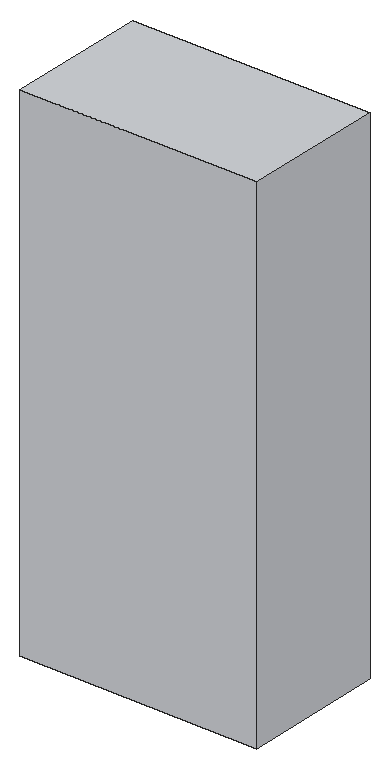
Revit family "PRD_FrankeWS_WtrSplySystmsCtrl_ElectronicModule_ZAQUA030", category Electrical Equipment, Revit 2018
Family settings
  Round Connector Dimension = Use Diameter
  Part Type = Equipment Switch
  OmniClass Number = 23.45.55.11
  OmniClass Title = Sanitary Components
  Work Plane-Based = No
  Always vertical = Yes
  Cut with Voids When Loaded = No
  Shared = No
  Room Calculation Point = No
Parameters (values of type "ZAQUA030")
  WarrantyStartDate [instance] = "1900-12-31T23:59:59"
  WarrantyGuarantorParts = "n/a"
  WarrantyGuarantorLabor = "n/a"
  WarrantyDurationUnit = "year"
  WarrantyDurationParts = "n/a"
  WarrantyDurationLabor = "n/a"
  WarrantyDescription = "n/a"
  Voltage = NominalVoltage  # "24"
  Version = "1"
  UsageCurrent = 0 A
  Uniclass2015Version = "Systems v1.7"
  Uniclass2015Title = "Water supply control systems"
  Uniclass2015Code = "Ss_75_70_52_96"
  URL = "www.kwc.com"
  TagNumber [instance] = "n/a"
  SustainabilityPerformance = "n/a"
  Size = "n/a"
  Shape = "n/a"
  SerialNumber [instance] = "n/a"
  Revision = "n/a"
  ReplacementCost = "n/a"
  ProductInformation = "https://pim.kwc.com/product/2000101183/attachment/datasheet?locale=en"
  PhaseReference = "0"
  PhaseAngle = 0.00°
  NumberOfPoles = 1
  NominalWidth = 0 mm
  NominalVoltage = "24"
  NominalLength = 0 mm
  NominalHeight = 0 mm
  NominalFrequencyRange = "50"
  NominalCurrent = 0 A
  NetWeight = 0.42 kg
  Name = "Electronic module ZAQUA030"
  NBSTypeID = "n/a"
  NBSReference = "75-75-50/110"
  NBSOfficeMasterTag = "n/a"
  NBSNote = "n/a"
  NBSDescription = "Water supply systems control"
  NBSCertification = "n/a"
  ModelReference = "ZAQUA030"
  ModelNumber = "2000101183"
  Model = ModelReference  # "ZAQUA030"
  Material = "n/a"
  ManufacturerURL = "www.kwc.com"
  ManufacturerName = "KWC Group AG"  # constant formula
  Manufacturer = ManufacturerName  # "KWC Group AG"
  InsulationStandardClass = "NotKnown"
  InstallationDate [instance] = "1900-12-31T23:59:59"
  IfcExportType = "NOTDEFINED"
  IfcExportAs = "IfcDistributionElement"
  IP_Code = "68"
  HasProtectiveEarth = yes
  GrossWeight = 0.596 kg
  Grade = "n/a"
  Finish = "n/a"
  Features = "n/a"
  ExpectedLife = "n/a"
  ElectronicModuleMaterial = none
  ElectricalDeviceNominalPower = 0 W
  DurationUnit = "year"
  Description = "Electronic module - A3000 open, for circulation line. For ensuring thermal treatment of the circulation line. Time and temperature values can be parameterized specifically to building requirements with corresponding software. Including electronic T-junction and 2 clip-on temperature sensors with 1.5 m extension cable."
  Constituents = "n/a"
  Color = "n/a"
  CodePerformance = "n/a"
  Category = "Ss_75_70_52_96, Water supply control systems"
  BarCode [instance] = "n/a"
  BIMObjectName = "PRD_AR_WaterSupplySystemsControl_ElectronicModule_ZAQUA030"
  Author = "Archispace"  # constant formula
  AssetType = "Fixed"
  AssetIdentifier [instance] = "n/a"
  AccessibilityPerformance = "n/a"
Reference planes
  plane 1 "Center (Front/Back)": y = 0
  plane 2: z = 0
  plane 3 "Center (Left/Right)": x = 0
Forms (mm)
  Extrusion 1, solid, material <- "ElectronicModuleMaterial"
    sketch origin (0, 0, 0) x (1, 0, 0) y (0, 0, 1)
      loop
        line (-21, 0) -> (21, 0) -> (21, 90) -> (-21, 90) -> (-21, 0)
    from 0 to 25
Dimensions and locks
  aligned and locked: level to plane 2
Connectors
  electrical at (0, -12.5, 0)
    settings: on Extrusion 1, index 1, voltage 24 V, apparent load 0 VA, apparent load phase1 0 VA, apparent load phase2 0 VA, apparent load phase3 0 VA, power factor 1, load classification "Other", number of poles 1, system type 30, power factor state 1, is connector primary yes, connector utility no, sub classification motor no, connector description ""
